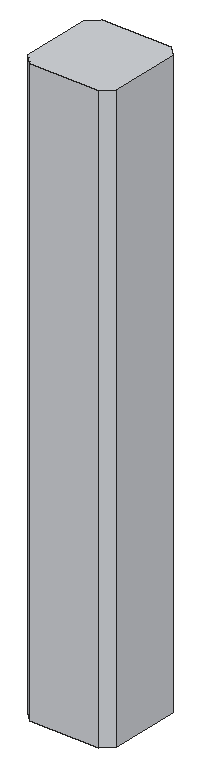
Revit family
Parameters (values of type "457 x 457mm")
  깊이 = 457 mm
  재료 = none
  간격띄우기 베이스 = 0 mm
  간격띄우기 상단 = 0 mm
  폭 = 457 mm
Types (4, lengths in mm): name | 깊이 | 폭
  (no name) | 457 | 457
  457 x 457mm | 457 | 457
  457 x 610mm | 610 | 457
  610 x 610mm | 610 | 610
Reference planes
  plane 1 "중심(앞/뒤)": y = 0
  plane 2: z = 0
  plane 3 "중심(왼쪽/오른쪽)": x = 15.208
  plane 4 "왼쪽": x = -213.292
  plane 5 "오른쪽": x = 243.708
  plane 6 "뒤로": y = 228.5
  plane 7 "앞면": y = -228.5
  plane 8: z = 3000
  plane 9: z = 0
Forms (mm)
  Extrusion 1, solid, material <- "재료"
    sketch origin (0, 0, 0) x (1, 0, 0) y (0, 1, 0)
      loop
        line (-162.292, 228.5) -> (-213.292, 177.5) -> (-213.292, -177.5) -> (-162.292, -228.5) -> (192.708, -228.5) -> (243.708, -177.5) -> (243.708, 177.5) -> (192.708, 228.5) -> (-162.292, 228.5)
    from 0 to 3000
Dimensions and locks
  equal spacing: plane 4 "왼쪽", plane 3 "중심(왼쪽/오른쪽)", plane 5 "오른쪽"
  equal spacing: plane 7 "앞면", plane 1 "중심(앞/뒤)", plane 6 "뒤로"
  "폭": plane 4 "왼쪽" to plane 5 "오른쪽"
  "깊이": plane 7 "앞면" to plane 6 "뒤로"
  "간격띄우기 상단": level to plane 8
  "간격띄우기 베이스": plane 9 to level
  aligned and locked: Extrusion 1 to plane 9
  aligned and locked: plane 8 to Extrusion 1
Automatic sketch dimensions
  Extrusion 1 sketch curve to plane 4 "왼쪽" = 0 mm
  Extrusion 1 sketch curve to plane 7 "앞면" = 0 mm
  Extrusion 1 sketch curve to plane 6 "뒤로" = 0 mm
  Extrusion 1 sketch curve to plane 5 "오른쪽" = 0 mm
  Extrusion 1 sketch curve to plane 4 "왼쪽" = 51 mm  (x2)
  plane 5 "오른쪽" to Extrusion 1 sketch curve = 51 mm  (x2)
  Extrusion 1 sketch curve to plane 7 "앞면" = 51 mm  (x2)
  plane 6 "뒤로" to Extrusion 1 sketch curve = 51 mm  (x2)
